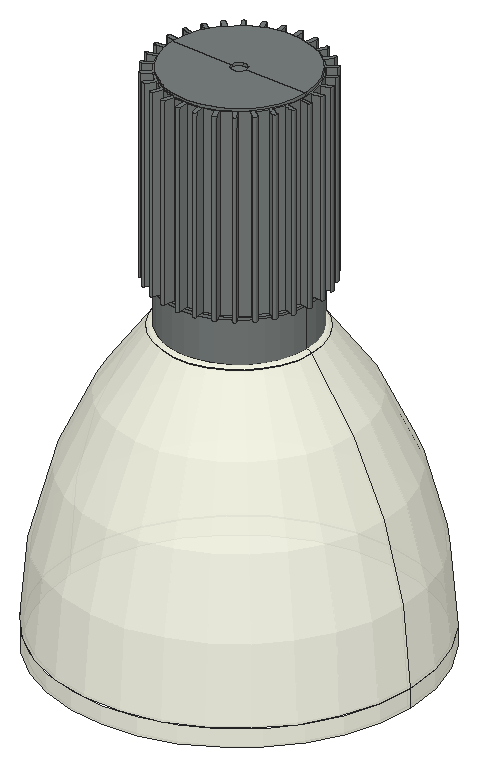
Revit family "TR2.FR", category Lighting Fixtures, Revit 2024
Family settings
  Round Connector Dimension = Use Diameter
  Part Type = Normal
  OmniClass Number = 23.80.70.00
  OmniClass Title = Lighting
  Work Plane-Based = No
  Always vertical = Yes
  Cut with Voids When Loaded = No
  Light Source = No
  Maintain Annotation Orientation = No
  Shared = No
  Room Calculation Point = No
Parameters
  Default Elevation = 0' - 0"
Reference planes (in)
  plane 1 "Light Source Axis (F/B)": y = 0
  plane 2: z = 0
  plane 3 "Light Source Axis (L/R)": x = 0
  plane 4 "Light Source Elevation": z = 54
Forms (in)
  Sweep 1, solid, material "FR", not visible
    path origin (75.968, 0, 0.00093) x (1, 0, 0) y (0, 0, 1)
      loop
        arc (-4.5864, 68.3252) -> (-8.91952, 61.72019) -> (-10.59309, 54) r 21.63816
    profile origin (67.04848, 0, 61.72112) x (0.922209, 0, -0.386691) y (0, -1, 0)
      loop
        circle (0, 0) r 0.03125
  Extrusion 2, solid, material "61", not visible
    sketch origin (21.22004, 0.07031, 3.70715) x (1, 0, 0) y (0, 1, 0)
      loop
        arc (0.70087, 4.42509) -> (0.0002, 4.48026) -> (-0.70003, 4.41981) r 4.27232
        line (-0.70003, 4.41981) -> (-0.65367, 4.12712)
        arc (-0.65367, 4.12712) -> (0, 4.17857) -> (0.65367, 4.12712) r 4.17857
        line (0.65367, 4.12712) -> (0.70087, 4.42509)
    from 66 to 73.80732
  Revolve 3, solid, material "FR"
    sketch origin (0, 0, -0.05835) x (1, 0, 0) y (0, 0, 1)
      loop
        arc (6, 54.66899) -> (5.10971, 59.6306) -> (2.54993, 63.97314) r 14.27073
        arc (2.54993, 63.97314) -> (2.46513, 64.03605) -> (2.36193, 64.05835) r 0.25
        line (2.36193, 64.05835) -> (2.36193, 63.9646)
        arc (2.36193, 63.9646) -> (2.42625, 63.95074) -> (2.47917, 63.91164) r 0.15625
        arc (2.47917, 63.91164) -> (5.0219, 59.59777) -> (5.90625, 54.66899) r 14.17698
        line (5.90625, 54.66899) -> (5.90625, 54.05835) -> (6, 54.05835) -> (6, 54.66899)
      axis (0, 64.05835) -> (0, 54.05835)
    angle from 0 to 360
  Extrusion 4, solid, material "74"
    sketch origin (-17.0625, -6.03088, 59.92741) x (1, 0, 0) y (0, 1, 0)
      loop
        arc (17, 8.40506) -> (16.81424, 8.39287) -> (16.63001, 8.36617) r 2.375
        line (16.63001, 8.36617) -> (16.56487, 8.67265)
        arc (16.56487, 8.67265) -> (16.49074, 8.72079) -> (16.4426, 8.64666) r 0.0625
        line (16.4426, 8.64666) -> (16.50775, 8.34018)
        arc (16.50775, 8.34018) -> (16.32858, 8.28964) -> (16.15393, 8.22522) r 2.375
        line (16.15393, 8.22522) -> (16.02649, 8.51146)
        arc (16.02649, 8.51146) -> (15.94397, 8.54313) -> (15.9123, 8.46061) r 0.0625
        line (15.9123, 8.46061) -> (16.03974, 8.17438)
        arc (16.03974, 8.17438) -> (15.875, 8.08769) -> (15.71756, 7.98837) r 2.375
        line (15.71756, 7.98837) -> (15.53339, 8.24185)
        arc (15.53339, 8.24185) -> (15.44609, 8.25568) -> (15.43226, 8.16838) r 0.0625
        line (15.43226, 8.16838) -> (15.61643, 7.91489)
        arc (15.61643, 7.91489) -> (15.47331, 7.79585) -> (15.33996, 7.66596) r 2.375
        line (15.33996, 7.66596) -> (15.10712, 7.87562)
        arc (15.10712, 7.87562) -> (15.01885, 7.87099) -> (15.02348, 7.78272) r 0.0625
        line (15.02348, 7.78272) -> (15.25632, 7.57307)
        arc (15.25632, 7.57307) -> (15.14108, 7.42687) -> (15.03765, 7.2721) r 2.375
        line (15.03765, 7.2721) -> (14.76631, 7.42876)
        arc (14.76631, 7.42876) -> (14.68093, 7.40588) -> (14.70381, 7.3205) r 0.0625
        line (14.70381, 7.3205) -> (14.97515, 7.16384)
        arc (14.97515, 7.16384) -> (14.89283, 6.99688) -> (14.82384, 6.82398) r 2.375
        line (14.82384, 6.82398) -> (14.52585, 6.92081)
        arc (14.52585, 6.92081) -> (14.44709, 6.88068) -> (14.48722, 6.80192) r 0.0625
        line (14.48722, 6.80192) -> (14.78521, 6.7051)
        arc (14.78521, 6.7051) -> (14.7394, 6.52467) -> (14.70786, 6.34121) r 2.375
        line (14.70786, 6.34121) -> (14.39626, 6.37396)
        arc (14.39626, 6.37396) -> (14.32756, 6.31833) -> (14.38319, 6.24964) r 0.0625
        line (14.38319, 6.24964) -> (14.6948, 6.21689)
        arc (14.6948, 6.21689) -> (14.6875, 6.03088) -> (14.6948, 5.84487) r 2.375
        line (14.6948, 5.84487) -> (14.38319, 5.81212)
        arc (14.38319, 5.81212) -> (14.32756, 5.74343) -> (14.39626, 5.6878) r 0.0625
        line (14.39626, 5.6878) -> (14.70786, 5.72055)
        arc (14.70786, 5.72055) -> (14.7394, 5.53709) -> (14.78521, 5.35666) r 2.375
        line (14.78521, 5.35666) -> (14.48722, 5.25984)
        arc (14.48722, 5.25984) -> (14.44709, 5.18108) -> (14.52585, 5.14096) r 0.0625
        line (14.52585, 5.14096) -> (14.82384, 5.23778)
        arc (14.82384, 5.23778) -> (14.89283, 5.06488) -> (14.97515, 4.89792) r 2.375
        line (14.97515, 4.89792) -> (14.70381, 4.74126)
        arc (14.70381, 4.74126) -> (14.68093, 4.65588) -> (14.76631, 4.633) r 0.0625
        line (14.76631, 4.633) -> (15.03765, 4.78967)
        arc (15.03765, 4.78967) -> (15.14108, 4.63489) -> (15.25632, 4.48869) r 2.375
        line (15.25632, 4.48869) -> (15.02348, 4.27904)
        arc (15.02348, 4.27904) -> (15.01885, 4.19077) -> (15.10712, 4.18615) r 0.0625
        line (15.10712, 4.18615) -> (15.33996, 4.3958)
        arc (15.33996, 4.3958) -> (15.47331, 4.26591) -> (15.61643, 4.14687) r 2.375
        line (15.61643, 4.14687) -> (15.43226, 3.89338)
        arc (15.43226, 3.89338) -> (15.44609, 3.80608) -> (15.53339, 3.81991) r 0.0625
        line (15.53339, 3.81991) -> (15.71756, 4.07339)
        arc (15.71756, 4.07339) -> (15.875, 3.97407) -> (16.03974, 3.88738) r 2.375
        line (16.03974, 3.88738) -> (15.9123, 3.60115)
        arc (15.9123, 3.60115) -> (15.94397, 3.51863) -> (16.02649, 3.55031) r 0.0625
        line (16.02649, 3.55031) -> (16.15393, 3.83654)
        arc (16.15393, 3.83654) -> (16.32858, 3.77212) -> (16.50775, 3.72158) r 2.375
        line (16.50775, 3.72158) -> (16.4426, 3.4151)
        arc (16.4426, 3.4151) -> (16.49074, 3.34098) -> (16.56487, 3.38911) r 0.0625
        line (16.56487, 3.38911) -> (16.63001, 3.69559)
        arc (16.63001, 3.69559) -> (16.81424, 3.66889) -> (17, 3.6567) r 2.375
        line (17, 3.6567) -> (17, 3.34338)
        arc (17, 3.34338) -> (17.0625, 3.28088) -> (17.125, 3.34338) r 0.0625
        line (17.125, 3.34338) -> (17.125, 3.6567)
        arc (17.125, 3.6567) -> (17.31076, 3.66889) -> (17.49499, 3.69559) r 2.375
        line (17.49499, 3.69559) -> (17.56013, 3.38911)
        arc (17.56013, 3.38911) -> (17.63426, 3.34098) -> (17.6824, 3.4151) r 0.0625
        line (17.6824, 3.4151) -> (17.61725, 3.72158)
        arc (17.61725, 3.72158) -> (17.79642, 3.77212) -> (17.97107, 3.83654) r 2.375
        line (17.97107, 3.83654) -> (18.09851, 3.55031)
        arc (18.09851, 3.55031) -> (18.18103, 3.51863) -> (18.2127, 3.60115) r 0.0625
        line (18.2127, 3.60115) -> (18.08526, 3.88738)
        arc (18.08526, 3.88738) -> (18.25, 3.97407) -> (18.40744, 4.07339) r 2.375
        line (18.40744, 4.07339) -> (18.59161, 3.81991)
        arc (18.59161, 3.81991) -> (18.67891, 3.80608) -> (18.69274, 3.89338) r 0.0625
        line (18.69274, 3.89338) -> (18.50857, 4.14687)
        arc (18.50857, 4.14687) -> (18.65169, 4.26591) -> (18.78504, 4.3958) r 2.375
        line (18.78504, 4.3958) -> (19.01788, 4.18615)
        arc (19.01788, 4.18615) -> (19.10615, 4.19077) -> (19.10152, 4.27904) r 0.0625
        line (19.10152, 4.27904) -> (18.86868, 4.48869)
        arc (18.86868, 4.48869) -> (18.98392, 4.63489) -> (19.08735, 4.78967) r 2.375
        line (19.08735, 4.78967) -> (19.35869, 4.633)
        arc (19.35869, 4.633) -> (19.44407, 4.65588) -> (19.42119, 4.74126) r 0.0625
        line (19.42119, 4.74126) -> (19.14985, 4.89792)
        arc (19.14985, 4.89792) -> (19.23217, 5.06488) -> (19.30116, 5.23778) r 2.375
        line (19.30116, 5.23778) -> (19.59915, 5.14096)
        arc (19.59915, 5.14096) -> (19.67791, 5.18108) -> (19.63778, 5.25984) r 0.0625
        line (19.63778, 5.25984) -> (19.33979, 5.35666)
        arc (19.33979, 5.35666) -> (19.3856, 5.53709) -> (19.41714, 5.72055) r 2.375
        line (19.41714, 5.72055) -> (19.72874, 5.6878)
        arc (19.72874, 5.6878) -> (19.79744, 5.74343) -> (19.74181, 5.81212) r 0.0625
        line (19.74181, 5.81212) -> (19.4302, 5.84487)
        arc (19.4302, 5.84487) -> (19.4375, 6.03088) -> (19.4302, 6.21689) r 2.375
        line (19.4302, 6.21689) -> (19.74181, 6.24964)
        arc (19.74181, 6.24964) -> (19.79744, 6.31833) -> (19.72874, 6.37396) r 0.0625
        line (19.72874, 6.37396) -> (19.41714, 6.34121)
        arc (19.41714, 6.34121) -> (19.3856, 6.52467) -> (19.33979, 6.7051) r 2.375
        line (19.33979, 6.7051) -> (19.63778, 6.80192)
        arc (19.63778, 6.80192) -> (19.67791, 6.88068) -> (19.59915, 6.92081) r 0.0625
        line (19.59915, 6.92081) -> (19.30116, 6.82398)
        arc (19.30116, 6.82398) -> (19.23217, 6.99688) -> (19.14985, 7.16384) r 2.375
        line (19.14985, 7.16384) -> (19.42119, 7.3205)
        arc (19.42119, 7.3205) -> (19.44407, 7.40588) -> (19.35869, 7.42876) r 0.0625
        line (19.35869, 7.42876) -> (19.08735, 7.2721)
        arc (19.08735, 7.2721) -> (18.98392, 7.42687) -> (18.86868, 7.57307) r 2.375
        line (18.86868, 7.57307) -> (19.10152, 7.78272)
        arc (19.10152, 7.78272) -> (19.10615, 7.87099) -> (19.01788, 7.87562) r 0.0625
        line (19.01788, 7.87562) -> (18.78504, 7.66596)
        arc (18.78504, 7.66596) -> (18.65169, 7.79585) -> (18.50857, 7.91489) r 2.375
        line (18.50857, 7.91489) -> (18.69274, 8.16838)
        arc (18.69274, 8.16838) -> (18.67891, 8.25568) -> (18.59161, 8.24185) r 0.0625
        line (18.59161, 8.24185) -> (18.40744, 7.98837)
        arc (18.40744, 7.98837) -> (18.25, 8.08769) -> (18.08526, 8.17438) r 2.375
        line (18.08526, 8.17438) -> (18.2127, 8.46061)
        arc (18.2127, 8.46061) -> (18.18103, 8.54313) -> (18.09851, 8.51146) r 0.0625
        line (18.09851, 8.51146) -> (17.97107, 8.22522)
        arc (17.97107, 8.22522) -> (17.79642, 8.28964) -> (17.61725, 8.34018) r 2.375
        line (17.61725, 8.34018) -> (17.6824, 8.64666)
        arc (17.6824, 8.64666) -> (17.63426, 8.72079) -> (17.56013, 8.67265) r 0.0625
        line (17.56013, 8.67265) -> (17.49499, 8.36617)
        arc (17.49499, 8.36617) -> (17.31076, 8.39287) -> (17.125, 8.40506) r 2.375
        line (17.125, 8.40506) -> (17.125, 8.71838)
        arc (17.125, 8.71838) -> (17.0625, 8.78088) -> (17, 8.71838) r 0.0625
        line (17, 8.71838) -> (17, 8.40506)
    from 5.61183 to 12
  Revolve 5, solid, material "74"
    sketch origin (0, 0, 0) x (1, 0, 0) y (0, 0, 1)
      loop
        line (0.25, 72) -> (0.25, 71.92741) -> (2.32297, 71.92741) -> (2.32297, 72) -> (0.25, 72)
      loop
        line (0, 65.53924) -> (0, 65.46665) -> (2.28125, 65.46665) -> (2.28125, 64) -> (2.375, 64) -> (2.375, 65.46665) -> (2.5, 65.46665) -> (2.5, 65.53924) -> (0, 65.53924)
      axis (0, 72) -> (0, 64)
    angle from 0 to 360
Dimensions and locks (in)
  aligned and locked: level to plane 2
